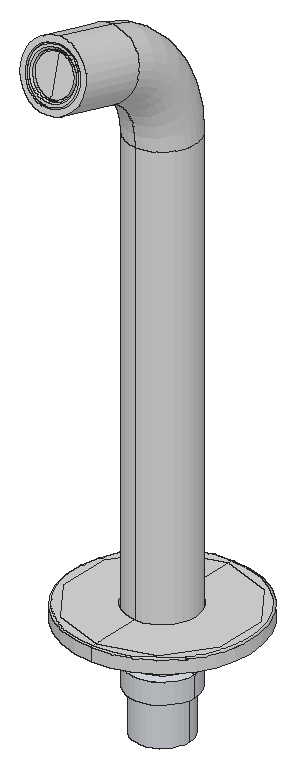
Revit family "Reece_Tap_Mizu_Drift_Outlet_Curved", category Plumbing Fixtures, host Face, Revit 2018
Family settings
  Host = Face
  Round Connector Dimension = Use Diameter
  Part Type = Normal
  Cut with Voids When Loaded = No
  Shared = Yes
  Room Calculation Point = Yes
Parameters (values of type "200 mm_Chrome")
  WFU = 0  # constant formula
  URL = "https://www.reece.com.au/product/-2267209"
  Type Comments = "Tap"
  Reece_Tap_Reach = 200 mm
  Reece_Tap_Inlet = 12 mm  # constant formula
  Reece_Tap_Clearance = 94 mm  # constant formula
  Reece_Product_Web Page = "https://www.reece.com.au/product/-2267209"
  Reece_Product_Type = "Tap"  # constant formula
  Reece_Product_Sub Brand = "Drift"  # constant formula
  Reece_Product_Number = "2267209"
  Reece_Product_Mount = "Wall Mounted"  # constant formula
  Reece_Product_Description = "Mizu Drift Wall Basin/Bath Outlet Curve Spout 200mm Chrome (6 Star) Lead Free"
  Reece_Product_Brand = "Mizu"  # constant formula
  Reece_Overall_Projection [instance] = 211.5 mm
  Reece_Material_Main = Reece_Brass_Chrome
  Reece_Detail_Shape = "Curved"  # constant formula
  Reece_Detail_Installation = ""
  Reece_Detail_Disclaimer = ""  # constant formula
  Reece_Detail_Connector = ""
  Reece_Detail_Additional = "Basin and Bath Outlet"  # constant formula
  Reece_Base_Plate_Radius = 32.5 mm  # constant formula
  Model = "Drift"
  Manufacturer = "Mizu"
  Keynote = "Product #2267209, Reece_Tap_Mizu_Drift_Outlet_Curved - 200 mm_Chrome"
  HWFU = 0  # constant formula
  Disclaimer = "THIS FILE IS THE PROPERTY OF THE REECE GROUP. IT MAY NOT BE REPRODUCED, REVERSE-ENGINEERED, OR MODIFIED. ANY REPUBLICATION, TRANSMISSION, OR DISTRIBUTION FOR THE PURPOSE OF COMMERCIALLY EXPLOITING THE FILES IS PROHIBITED."
  Description = "Mizu Drift Wall Basin/Bath Outlet Curve Spout 200mm Chrome (6 Star) Lead Free"
  Default Elevation = 1000 mm
  CWFU = 0  # constant formula
Types (30, lengths in mm): name | URL | Reece_Tap_Reach | Reece_Product_Web Page | Reece_Product_Number | Reece_Product_Description | Reece_Overall_Projection | Reece_Material_Main | Keynote | Disclaimer | Description
  110 mm_Chrome | "https://www.reece.com.au/product/-2266313" | 110 | "https://www.reece.com.au/product/-2266313" | "2266313" | "Mizu Drift Wall Basin/Bath Outlet Curve Spout 110mm Chrome (6 Star) Lead Free" | 121.5 | Reece_Brass_Chrome | "Product #2266313, Reece_Tap_Mizu_Drift_Outlet_Curved - 110 mm_Chrome" | "THIS FILE IS THE PROPERTY OF THE REECE GROUP. IT MAY NOT BE REPRODUCED, REVERSE-ENGINEERED, OR MODIFIED. ANY REPUBLICATION, TRANSMISSION, OR DISTRIBUTION FOR THE PURPOSE OF COMMERCIALLY EXPLOITING THE FILES IS PROHIBITED." | "Mizu Drift Wall Basin/Bath Outlet Curve Spout 110mm Chrome (6 Star) Lead Free"
  110 mm_Brushed Brass | "https://www.reece.com.au/product/-2266316" | 110 | "https://www.reece.com.au/product/-2266316" | "2266316" | "Mizu Drift Wall Basin/Bath Outlet Curve Spout 110mm Brushed Brass (6 Star) Lead Free" | 121.5 | Reece_Brass_Brushed | "Product #2266316, Reece_Tap_Mizu_Drift_Outlet_Curved - 110 mm_Brushed Brass" | "THIS FILE IS THE PROPERTY OF THE REECE GROUP. IT MAY NOT BE REPRODUCED, REVERSE-ENGINEERED, OR MODIFIED. ANY REPUBLICATION, TRANSMISSION, OR DISTRIBUTION FOR THE PURPOSE OF COMMERCIALLY EXPLOITING THE FILES IS PROHIBITED." | "Mizu Drift Wall Basin/Bath Outlet Curve Spout 110mm Brushed Brass (6 Star) Lead Free"
  110 mm_Brushed Gunmetal | "https://www.reece.com.au/product/-2266317" | 110 | "https://www.reece.com.au/product/-2266317" | "2266317" | "Mizu Drift Wall Basin/Bath Outlet Curve Spout 110mm Brushed Gunmetal (6 Star) Lead Free" | 121.5 | Reece_Brass_Brushed Gunmetal | "Product #2266317, Reece_Tap_Mizu_Drift_Outlet_Curved - 110 mm_Brushed Gunmetal" | "THIS FILE IS THE PROPERTY OF THE REECE GROUP. IT MAY NOT BE REPRODUCED, REVERSE-ENGINEERED, OR MODIFIED. ANY REPUBLICATION, TRANSMISSION, OR DISTRIBUTION FOR THE PURPOSE OF COMMERCIALLY EXPLOITING THE FILES IS PROHIBITED." | "Mizu Drift Wall Basin/Bath Outlet Curve Spout 110mm Brushed Gunmetal (6 Star) Lead Free"
  110 mm_Brushed Nickel | "https://www.reece.com.au/product/-2266315" | 110 | "https://www.reece.com.au/product/-2266315" | "2266315" | "Mizu Drift Wall Basin/Bath Outlet Curve Spout 110mm Brushed Nickel (6 Star) Lead Free" | 121.5 | Reece_Brass_Brushed Nickel | "Product #2266315, Reece_Tap_Mizu_Drift_Outlet_Curved - 110 mm_Brushed Nickel" | "THIS FILE IS THE PROPERTY OF THE REECE GROUP. IT MAY NOT BE REPRODUCED, REVERSE-ENGINEERED, OR MODIFIED. ANY REPUBLICATION, TRANSMISSION, OR DISTRIBUTION FOR THE PURPOSE OF COMMERCIALLY EXPLOITING THE FILES IS PROHIBITED." | "Mizu Drift Wall Basin/Bath Outlet Curve Spout 110mm Brushed Nickel (6 Star) Lead Free"
  110 mm_Matte Black | "https://www.reece.com.au/product/-2266314" | 110 | "https://www.reece.com.au/product/-2266314" | "2266314" | "Mizu Drift Wall Basin/Bath Outlet Curve Spout 110mm Matte Black (6 Star) Lead Free" | 121.5 | Reece_Brass_Matte Black | "Product #2266314, Reece_Tap_Mizu_Drift_Outlet_Curved - 110 mm_Matte Black" | "THIS FILE IS THE PROPERTY OF THE REECE GROUP. IT MAY NOT BE REPRODUCED, REVERSE-ENGINEERED, OR MODIFIED. ANY REPUBLICATION, TRANSMISSION, OR DISTRIBUTION FOR THE PURPOSE OF COMMERCIALLY EXPLOITING THE FILES IS PROHIBITED." | "Mizu Drift Wall Basin/Bath Outlet Curve Spout 110mm Matte Black (6 Star) Lead Free"
  160 mm_Chrome | "https://www.reece.com.au/product/-2267208" | 160 | "https://www.reece.com.au/product/-2267208" | "2267208" | "Mizu Drift Wall Basin/Bath Outlet Curve Spout 160mm Chrome (6 Star) Lead Free" | 171.5 | Reece_Brass_Chrome | "Product #2267208, Reece_Tap_Mizu_Drift_Outlet_Curved - 160 mm_Chrome" | "THIS FILE IS THE PROPERTY OF THE REECE GROUP. IT MAY NOT BE REPRODUCED, REVERSE-ENGINEERED, OR MODIFIED. ANY REPUBLICATION, TRANSMISSION, OR DISTRIBUTION FOR THE PURPOSE OF COMMERCIALLY EXPLOITING THE FILES IS PROHIBITED." | "Mizu Drift Wall Basin/Bath Outlet Curve Spout 160mm Chrome (6 Star) Lead Free"
  160 mm_Brushed Brass | "https://www.reece.com.au/product/-2267289" | 160 | "https://www.reece.com.au/product/-2267289" | "2267289" | "Mizu Drift Wall Basin/Bath Outlet Curve Spout 160mm Brushed Brass (6 Star) Lead Free" | 171.5 | Reece_Brass_Brushed | "Product #2267289, Reece_Tap_Mizu_Drift_Outlet_Curved - 160 mm_Brushed Brass" | "THIS FILE IS THE PROPERTY OF THE REECE GROUP. IT MAY NOT BE REPRODUCED, REVERSE-ENGINEERED, OR MODIFIED. ANY REPUBLICATION, TRANSMISSION, OR DISTRIBUTION FOR THE PURPOSE OF COMMERCIALLY EXPLOITING THE FILES IS PROHIBITED." | "Mizu Drift Wall Basin/Bath Outlet Curve Spout 160mm Brushed Brass (6 Star) Lead Free"
  160 mm_Brushed Gunmetal | "https://www.reece.com.au/product/-2267269" | 160 | "https://www.reece.com.au/product/-2267269" | "2267269" | "Mizu Drift Wall Basin/Bath Outlet Curve Spout 160mm Brushed Gunmetal (6 Star) Lead Free" | 171.5 | Reece_Brass_Brushed Gunmetal | "Product #2267269, Reece_Tap_Mizu_Drift_Outlet_Curved - 160 mm_Brushed Gunmetal" | "THIS FILE IS THE PROPERTY OF THE REECE GROUP. IT MAY NOT BE REPRODUCED, REVERSE-ENGINEERED, OR MODIFIED. ANY REPUBLICATION, TRANSMISSION, OR DISTRIBUTION FOR THE PURPOSE OF COMMERCIALLY EXPLOITING THE FILES IS PROHIBITED." | "Mizu Drift Wall Basin/Bath Outlet Curve Spout 160mm Brushed Gunmetal (6 Star) Lead Free"
  160 mm_Brushed Nickel | "https://www.reece.com.au/product/-2267249" | 160 | "https://www.reece.com.au/product/-2267249" | "2267249" | "Mizu Drift Wall Basin/Bath Outlet Curve Spout 160mm Brushed Nickel (6 Star) Lead Free" | 171.5 | Reece_Brass_Brushed Nickel | "Product #2267249, Reece_Tap_Mizu_Drift_Outlet_Curved - 160 mm_Brushed Nickel" | "THIS FILE IS THE PROPERTY OF THE REECE GROUP. IT MAY NOT BE REPRODUCED, REVERSE-ENGINEERED, OR MODIFIED. ANY REPUBLICATION, TRANSMISSION, OR DISTRIBUTION FOR THE PURPOSE OF COMMERCIALLY EXPLOITING THE FILES IS PROHIBITED." | "Mizu Drift Wall Basin/Bath Outlet Curve Spout 160mm Brushed Nickel (6 Star) Lead Free"
  160 mm_Matte Black | "https://www.reece.com.au/product/-2267229" | 160 | "https://www.reece.com.au/product/-2267229" | "2267229" | "Mizu Drift Wall Basin/Bath Outlet Curve Spout 160mm Matte Black (6 Star) Lead Free" | 171.5 | Reece_Brass_Matte Black | "Product #2267229, Reece_Tap_Mizu_Drift_Outlet_Curved - 160 mm_Matte Black" | "THIS FILE IS THE PROPERTY OF THE REECE GROUP. IT MAY NOT BE REPRODUCED, REVERSE-ENGINEERED, OR MODIFIED. ANY REPUBLICATION, TRANSMISSION, OR DISTRIBUTION FOR THE PURPOSE OF COMMERCIALLY EXPLOITING THE FILES IS PROHIBITED." | "Mizu Drift Wall Basin/Bath Outlet Curve Spout 160mm Matte Black (6 Star) Lead Free"
  200 mm_Chrome | "https://www.reece.com.au/product/-2267209" | 200 | "https://www.reece.com.au/product/-2267209" | "2267209" | "Mizu Drift Wall Basin/Bath Outlet Curve Spout 200mm Chrome (6 Star) Lead Free" | 211.5 | Reece_Brass_Chrome | "Product #2267209, Reece_Tap_Mizu_Drift_Outlet_Curved - 200 mm_Chrome" | "THIS FILE IS THE PROPERTY OF THE REECE GROUP. IT MAY NOT BE REPRODUCED, REVERSE-ENGINEERED, OR MODIFIED. ANY REPUBLICATION, TRANSMISSION, OR DISTRIBUTION FOR THE PURPOSE OF COMMERCIALLY EXPLOITING THE FILES IS PROHIBITED." | "Mizu Drift Wall Basin/Bath Outlet Curve Spout 200mm Chrome (6 Star) Lead Free"
  200 mm_Brushed Brass | "https://www.reece.com.au/product/-2267290" | 200 | "https://www.reece.com.au/product/-2267290" | "2267290" | "Mizu Drift Wall Basin/Bath Outlet Curve Spout 200mm Brushed Brass (6 Star) Lead Free" | 211.5 | Reece_Brass_Brushed | "Product #2267290, Reece_Tap_Mizu_Drift_Outlet_Curved - 200 mm_Brushed Brass" | "THIS FILE IS THE PROPERTY OF THE REECE GROUP. IT MAY NOT BE REPRODUCED, REVERSE-ENGINEERED, OR MODIFIED. ANY REPUBLICATION, TRANSMISSION, OR DISTRIBUTION FOR THE PURPOSE OF COMMERCIALLY EXPLOITING THE FILES IS PROHIBITED." | "Mizu Drift Wall Basin/Bath Outlet Curve Spout 200mm Brushed Brass (6 Star) Lead Free"
  200 mm_Brushed Gunmetal | "https://www.reece.com.au/product/-2267270" | 200 | "https://www.reece.com.au/product/-2267270" | "2267270" | "Mizu Drift Wall Basin/Bath Outlet Curve Spout 200mm Brushed Gunmetal (6 Star) Lead Free" | 211.5 | Reece_Brass_Brushed Gunmetal | "Product #2267270, Reece_Tap_Mizu_Drift_Outlet_Curved - 200 mm_Brushed Gunmetal" | "THIS FILE IS THE PROPERTY OF THE REECE GROUP. IT MAY NOT BE REPRODUCED, REVERSE-ENGINEERED, OR MODIFIED. ANY REPUBLICATION, TRANSMISSION, OR DISTRIBUTION FOR THE PURPOSE OF COMMERCIALLY EXPLOITING THE FILES IS PROHIBITED." | "Mizu Drift Wall Basin/Bath Outlet Curve Spout 200mm Brushed Gunmetal (6 Star) Lead Free"
  200 mm_Brushed Nickel | "https://www.reece.com.au/product/-2267250" | 200 | "https://www.reece.com.au/product/-2267250" | "2267250" | "Mizu Drift Wall Basin/Bath Outlet Curve Spout 200mm Brushed Nickel (6 Star) Lead Free" | 211.5 | Reece_Brass_Brushed Nickel | "Product #2267250, Reece_Tap_Mizu_Drift_Outlet_Curved - 200 mm_Brushed Nickel" | "THIS FILE IS THE PROPERTY OF THE REECE GROUP. IT MAY NOT BE REPRODUCED, REVERSE-ENGINEERED, OR MODIFIED. ANY REPUBLICATION, TRANSMISSION, OR DISTRIBUTION FOR THE PURPOSE OF COMMERCIALLY EXPLOITING THE FILES IS PROHIBITED." | "Mizu Drift Wall Basin/Bath Outlet Curve Spout 200mm Brushed Nickel (6 Star) Lead Free"
  200 mm_Matte Black | "https://www.reece.com.au/product/-2267230" | 200 | "https://www.reece.com.au/product/-2267230" | "2267230" | "Mizu Drift Wall Basin/Bath Outlet Curve Spout 200mm Matte Black (6 Star) Lead Free" | 211.5 | Reece_Brass_Matte Black | "Product #2267230, Reece_Tap_Mizu_Drift_Outlet_Curved - 200 mm_Matte Black" | "THIS FILE IS THE PROPERTY OF THE REECE GROUP. IT MAY NOT BE REPRODUCED, REVERSE-ENGINEERED, OR MODIFIED. ANY REPUBLICATION, TRANSMISSION, OR DISTRIBUTION FOR THE PURPOSE OF COMMERCIALLY EXPLOITING THE FILES IS PROHIBITED." | "Mizu Drift Wall Basin/Bath Outlet Curve Spout 200mm Matte Black (6 Star) Lead Free"
  250 mm_Chrome | "https://www.reece.com.au/product/-2267210" | 250 | "https://www.reece.com.au/product/-2267210" | "2267210" | "Mizu Drift Wall Basin/Bath Outlet Curve Spout 250mm Chrome (6 Star) Lead Free" | 261.5 | Reece_Brass_Chrome | "Product #2267210, Reece_Tap_Mizu_Drift_Outlet_Curved - 250 mm_Chrome" | "THIS FILE IS THE PROPERTY OF THE REECE GROUP. IT MAY NOT BE REPRODUCED, REVERSE-ENGINEERED, OR MODIFIED. ANY REPUBLICATION, TRANSMISSION, OR DISTRIBUTION FOR THE PURPOSE OF COMMERCIALLY EXPLOITING THE FILES IS PROHIBITED." | "Mizu Drift Wall Basin/Bath Outlet Curve Spout 250mm Chrome (6 Star) Lead Free"
  250 mm_Brushed Brass | "https://www.reece.com.au/product/-2267291" | 250 | "https://www.reece.com.au/product/-2267291" | "2267291" | "Mizu Drift Wall Basin/Bath Outlet Curve Spout 250mm Brushed Brass (6 Star) Lead Free" | 261.5 | Reece_Brass_Brushed | "Product #2267291, Reece_Tap_Mizu_Drift_Outlet_Curved - 250 mm_Brushed Brass" | "THIS FILE IS THE PROPERTY OF THE REECE GROUP. IT MAY NOT BE REPRODUCED, REVERSE-ENGINEERED, OR MODIFIED. ANY REPUBLICATION, TRANSMISSION, OR DISTRIBUTION FOR THE PURPOSE OF COMMERCIALLY EXPLOITING THE FILES IS PROHIBITED." | "Mizu Drift Wall Basin/Bath Outlet Curve Spout 250mm Brushed Brass (6 Star) Lead Free"
  250 mm_Brushed Gunmetal | "https://www.reece.com.au/product/-2267271" | 250 | "https://www.reece.com.au/product/-2267271" | "2267271" | "Mizu Drift Wall Basin/Bath Outlet Curve Spout 250mm Brushed Gunmetal (6 Star) Lead Free" | 261.5 | Reece_Brass_Brushed Gunmetal | "Product #2267271, Reece_Tap_Mizu_Drift_Outlet_Curved - 250 mm_Brushed Gunmetal" | "THIS FILE IS THE PROPERTY OF THE REECE GROUP. IT MAY NOT BE REPRODUCED, REVERSE-ENGINEERED, OR MODIFIED. ANY REPUBLICATION, TRANSMISSION, OR DISTRIBUTION FOR THE PURPOSE OF COMMERCIALLY EXPLOITING THE FILES IS PROHIBITED." | "Mizu Drift Wall Basin/Bath Outlet Curve Spout 250mm Brushed Gunmetal (6 Star) Lead Free"
  250 mm_Brushed Nickel | "https://www.reece.com.au/product/-2267251" | 250 | "https://www.reece.com.au/product/-2267251" | "2267251" | "Mizu Drift Wall Basin/Bath Outlet Curve Spout 250mm Brushed Nickel (6 Star) Lead Free" | 261.5 | Reece_Brass_Brushed Nickel | "Product #2267251, Reece_Tap_Mizu_Drift_Outlet_Curved - 250 mm_Brushed Nickel" | "THIS FILE IS THE PROPERTY OF THE REECE GROUP. IT MAY NOT BE REPRODUCED, REVERSE-ENGINEERED, OR MODIFIED. ANY REPUBLICATION, TRANSMISSION, OR DISTRIBUTION FOR THE PURPOSE OF COMMERCIALLY EXPLOITING THE FILES IS PROHIBITED." | "Mizu Drift Wall Basin/Bath Outlet Curve Spout 250mm Brushed Nickel (6 Star) Lead Free"
  250 mm_Matte Black | "https://www.reece.com.au/product/-2267231" | 250 | "https://www.reece.com.au/product/-2267231" | "2267231" | "Mizu Drift Wall Basin/Bath Outlet Curve Spout 250mm Matte Black (6 Star) Lead Free" | 261.5 | Reece_Brass_Matte Black | "Product #2267231, Reece_Tap_Mizu_Drift_Outlet_Curved - 250 mm_Matte Black" | "THIS FILE IS THE PROPERTY OF THE REECE GROUP. IT MAY NOT BE REPRODUCED, REVERSE-ENGINEERED, OR MODIFIED. ANY REPUBLICATION, TRANSMISSION, OR DISTRIBUTION FOR THE PURPOSE OF COMMERCIALLY EXPLOITING THE FILES IS PROHIBITED." | "Mizu Drift Wall Basin/Bath Outlet Curve Spout 250mm Matte Black (6 Star) Lead Free"
  300 mm_Chrome | "https://www.reece.com.au/product/-2267211" | 300 | "https://www.reece.com.au/product/-2267211" | "2267211" | "Mizu Drift Wall Basin/Bath Outlet Curve Spout 300mm Chrome (6 Star) Lead Free" | 311.5 | Reece_Brass_Chrome | "Product #2267211, Reece_Tap_Mizu_Drift_Outlet_Curved - 300 mm_Chrome" | "THIS FILE IS THE PROPERTY OF THE REECE GROUP. IT MAY NOT BE REPRODUCED, REVERSE-ENGINEERED, OR MODIFIED. ANY REPUBLICATION, TRANSMISSION, OR DISTRIBUTION FOR THE PURPOSE OF COMMERCIALLY EXPLOITING THE FILES IS PROHIBITED." | "Mizu Drift Wall Basin/Bath Outlet Curve Spout 300mm Chrome (6 Star) Lead Free"
  300 mm_Brushed Brass | "https://www.reece.com.au/product/-2267292" | 300 | "https://www.reece.com.au/product/-2267292" | "2267292" | "Mizu Drift Wall Basin/Bath Outlet Curve Spout 300mm Brushed Brass (6 Star) Lead Free" | 311.5 | Reece_Brass_Brushed | "Product #2267292, Reece_Tap_Mizu_Drift_Outlet_Curved - 300 mm_Brushed Brass" | "THIS FILE IS THE PROPERTY OF THE REECE GROUP. IT MAY NOT BE REPRODUCED, REVERSE-ENGINEERED, OR MODIFIED. ANY REPUBLICATION, TRANSMISSION, OR DISTRIBUTION FOR THE PURPOSE OF COMMERCIALLY EXPLOITING THE FILES IS PROHIBITED." | "Mizu Drift Wall Basin/Bath Outlet Curve Spout 300mm Brushed Brass (6 Star) Lead Free"
  300 mm_Brushed Gunmetal | "https://www.reece.com.au/product/-2267272" | 300 | "https://www.reece.com.au/product/-2267272" | "2267272" | "Mizu Drift Wall Basin/Bath Outlet Curve Spout 300mm Brushed Gunmetal (6 Star) Lead Free" | 311.5 | Reece_Brass_Brushed Gunmetal | "Product #2267272, Reece_Tap_Mizu_Drift_Outlet_Curved - 300 mm_Brushed Gunmetal" | "THIS FILE IS THE PROPERTY OF THE REECE GROUP. IT MAY NOT BE REPRODUCED, REVERSE-ENGINEERED, OR MODIFIED. ANY REPUBLICATION, TRANSMISSION, OR DISTRIBUTION FOR THE PURPOSE OF COMMERCIALLY EXPLOITING THE FILES IS PROHIBITED." | "Mizu Drift Wall Basin/Bath Outlet Curve Spout 300mm Brushed Gunmetal (6 Star) Lead Free"
  300 mm_Brushed Nickel | "https://www.reece.com.au/product/-2267252" | 300 | "https://www.reece.com.au/product/-2267252" | "2267252" | "Mizu Drift Wall Basin/Bath Outlet Curve Spout 300mm Brushed Nickel (6 Star) Lead Free" | 311.5 | Reece_Brass_Brushed Nickel | "Product #2267252, Reece_Tap_Mizu_Drift_Outlet_Curved - 300 mm_Brushed Nickel" | "THIS FILE IS THE PROPERTY OF THE REECE GROUP. IT MAY NOT BE REPRODUCED, REVERSE-ENGINEERED, OR MODIFIED. ANY REPUBLICATION, TRANSMISSION, OR DISTRIBUTION FOR THE PURPOSE OF COMMERCIALLY EXPLOITING THE FILES IS PROHIBITED." | "Mizu Drift Wall Basin/Bath Outlet Curve Spout 300mm Brushed Nickel (6 Star) Lead Free"
  300 mm_Matte Black | "https://www.reece.com.au/product/-2267232" | 300 | "https://www.reece.com.au/product/-2267232" | "2267232" | "Mizu Drift Wall Basin/Bath Outlet Curve Spout 300mm Matte Black (6 Star) Lead Free" | 311.5 | Reece_Brass_Matte Black | "Product #2267232, Reece_Tap_Mizu_Drift_Outlet_Curved - 300 mm_Matte Black" | "THIS FILE IS THE PROPERTY OF THE REECE GROUP. IT MAY NOT BE REPRODUCED, REVERSE-ENGINEERED, OR MODIFIED. ANY REPUBLICATION, TRANSMISSION, OR DISTRIBUTION FOR THE PURPOSE OF COMMERCIALLY EXPLOITING THE FILES IS PROHIBITED." | "Mizu Drift Wall Basin/Bath Outlet Curve Spout 300mm Matte Black (6 Star) Lead Free"
  300 mm_Brushed Bronze | "https://www.reece.com.au/product/-2269206" | 300 | "https://www.reece.com.au/product/-2269206" | "2269206" | "Mizu Drift Wall Basin/Bath Outlet Curve Spout 300mm Brushed Bronze (6 Star) Lead Free" | 311.5 | Reece_Brass_Brushed Bronze | "Product #2269206, Reece_Tap_Mizu_Drift_Outlet_Curved - 300 mm_Brushed Bronze" | "THIS FILE IS THE PROPERTY OF THE REECE GROUP. IT MAY NOT BE REPRODUCED, REVERSE-ENGINEERED, OR MODIFIED. ANY REPUBLICATION, TRANSMISSION, OR DISTRIBUTION FOR THE PURPOSE OF COMMERCIALLY EXPLOITING THE FILES IS PROHIBITED." | "Mizu Drift Wall Basin/Bath Outlet Curve Spout 300mm Brushed Bronze (6 Star) Lead Free"
  250 mm_Brushed Bronze | "https://www.reece.com.au/product/-2269205" | 250 | "https://www.reece.com.au/product/-2269205" | "2269205" | "Mizu Drift Wall Basin/Bath Outlet Curve Spout 250mm Brushed Bronze (6 Star) Lead Free" | 261.5 | Reece_Brass_Brushed Bronze | "Product #2269205, Reece_Tap_Mizu_Drift_Outlet_Curved - 250 mm_Brushed Bronze" | "THIS FILE IS THE PROPERTY OF THE REECE GROUP. IT MAY NOT BE REPRODUCED, REVERSE-ENGINEERED, OR MODIFIED. ANY REPUBLICATION, TRANSMISSION, OR DISTRIBUTION FOR THE PURPOSE OF COMMERCIALLY EXPLOITING THE FILES IS PROHIBITED." | "Mizu Drift Wall Basin/Bath Outlet Curve Spout 250mm Brushed Bronze (6 Star) Lead Free"
  200 mm_Brushed Bronze | "https://www.reece.com.au/product/-2269204" | 200 | "https://www.reece.com.au/product/-2269204" | "2269204" | "Mizu Drift Wall Basin/Bath Outlet Curve Spout 200mm Brushed Bronze (6 Star) Lead Free" | 211.5 | Reece_Brass_Brushed Bronze | "Product #2269204, Reece_Tap_Mizu_Drift_Outlet_Curved - 200 mm_Brushed Bronze" | "THIS FILE IS THE PROPERTY OF THE REECE GROUP. IT MAY NOT BE REPRODUCED, REVERSE-ENGINEERED, OR MODIFIED. ANY REPUBLICATION, TRANSMISSION, OR DISTRIBUTION FOR THE PURPOSE OF COMMERCIALLY EXPLOITING THE FILES IS PROHIBITED." | "Mizu Drift Wall Basin/Bath Outlet Curve Spout 200mm Brushed Bronze (6 Star) Lead Free"
  160 mm_Brushed Bronze | "https://www.reece.com.au/product/-2269203" | 160 | "https://www.reece.com.au/product/-2269203" | "2269203" | "Mizu Drift Wall Basin/Bath Outlet Curve Spout 160mm Brushed Bronze (6 Star) Lead Free" | 171.5 | Reece_Brass_Brushed Bronze | "Product #2269203, Reece_Tap_Mizu_Drift_Outlet_Curved - 160 mm_Brushed Bronze" | "THIS FILE IS THE PROPERTY OF THE REECE GROUP. IT MAY NOT BE REPRODUCED, REVERSE-ENGINEERED, OR MODIFIED. ANY REPUBLICATION, TRANSMISSION, OR DISTRIBUTION FOR THE PURPOSE OF COMMERCIALLY EXPLOITING THE FILES IS PROHIBITED." | "Mizu Drift Wall Basin/Bath Outlet Curve Spout 160mm Brushed Bronze (6 Star) Lead Free"
  110 mm_Brushed Bronze | "https://www.reece.com.au/product/-2269202" | 110 | "https://www.reece.com.au/product/-2269202" | "2269202" | "Mizu Drift Wall Basin/Bath Outlet Curve Spout 110mm Brushed Bronze (6 Star) Lead Free" | 121.5 | Reece_Brass_Brushed Bronze | "Product #2269202, Reece_Tap_Mizu_Drift_Outlet_Curved - 110 mm_Brushed Bronze" | "" | "Mizu Drift Wall Basin/Bath Outlet Curve Spout 110mm Brushed Bronze (6 Star) Lead Free"
Reference planes
  plane 1 "Center (Front/Back)": y = 0
  plane 2 "Bottom": z = 0
  plane 3 "Center (Left/Right)": x = 0
  plane 4: z = 5
  plane 5: y = 32.5
  plane 6: y = -53
  plane 7: z = 200
  plane 8: z = 211.5
  plane 9: y = -49.894
Forms (mm)
  Revolve 1, solid, material "Reece_Brass_Chrome" <- "Reece_Material_Main"
    sketch origin (0, 0, 23) x (0, 1, 0) y (0, 0, 1)
      loop
        line (30.5, -18) -> (12.5, -18) -> (12.5, -20.954) -> (30.5, -20.954) -> (30.5, -23) -> (32.5, -23) -> (32.5, -18.5)
        arc (32.5, -18.5) -> (32.354, -18.146) -> (32, -18) r 0.5
        line (32, -18) -> (30.5, -18)
      axis (0, -18) -> (0, -23)
    angle from 0 to 360
  Revolve 2, void
    sketch origin (0, 0, 39.453) x (0, 1, 0) y (0, 0, 1)
      loop
        line (-14, -39.453) -> (-14, -79.453) -> (0, -79.453) -> (0, -39.453) -> (-14, -39.453)
      axis (0, -39.453) -> (0, -79.453)
    angle from 0 to 360
  Revolve 3, void
    sketch origin (0, -360.841, 88.823) x (0, 0.139173, -0.990268) y (0, 0.990268, 0.139173)
      loop
        line (-72.528, 327.987) -> (-73.264, 328.299) -> (-73.791, 327.057) -> (-74.642, 326.714) -> (-75.369, 327.022) -> (-75.746, 327.956) -> (-77.301, 324.294) -> (-68.096, 320.387) -> (-66.511, 324.12) -> (-73, 326.875) -> (-72.528, 327.987)
      axis (-68.096, 320.387) -> (-66.039, 325.232)
    angle from 0 to 360
  Sweep 4, solid, material "Reece_Brass_Chrome" <- "Reece_Material_Main"
    path origin (50, 0, 0) x (0, 1, 0) y (0, 0, 1)
      loop
        line (-49.894, 200) -> (-25.941, 193.582)
        arc (-25.941, 193.582) -> (-7.233, 181.081) -> (0, 159.774) r 35
        line (0, 159.774) -> (0, 0)
    profile origin (50, -37.918, 196.791) x (0, 0.258819, 0.965926) y (1, 0, 0)
      loop
        circle (0, -50) r 12
  Revolve 5, solid
    sketch origin (0, 0, 0) x (1, 0, 0) y (0, 0, 1)
      loop
        line (7.924, 0) -> (7.924, -36.978) -> (10.006, -36.978) -> (10.006, -21.713) -> (12, -21.713) -> (12, -14.213) -> (10.006, -13.062) -> (10.006, -10) -> (11.094, -10) -> (11.622, -9.085) -> (11.097, -8.176) -> (11.622, -7.268) -> (11.097, -6.359) -> (11.622, -5.451) -> (11.097, -4.542) -> (11.622, -3.634) -> (11.097, -2.725) -> (11.622, -1.817) -> (11.097, -0.908) -> (11.622, 0) -> (7.924, 0)
      axis (0, 0) -> (0, -36.978)
    angle from 0 to 360
Cuts and joins
  Revolve 3 cuts Sweep 4
Lines and regions (mm)
  symbolic lines
    curve 1: line (75, 0, 0) -> (0, 0, 0)
Text (mm)
  text "Reece ©" at (-1403.988, -1192.393, 0), in view "Ref. Level"
  text "Reece ©" at (44.384, 258.95, 192.345), in view "Reece Preview"
Dimensions and locks
  "Reece_Base_Plate_Radius": Revolve 1 sketch curve to Revolve 1 sketch curve
  Revolve 2 sketch curve to Revolve 2 sketch curve = 14 mm
  locked: Revolve 1 sketch curve to Revolve 1 sketch curve at 2
  Revolve 1 sketch curve to Revolve 1 sketch curve = 5 mm
  plane 7 to Sweep 4 sketch curve to Sweep 4 sketch curve = 6.418 mm locked, 33.807 mm locked
  locked: plane 8 to plane 7 at 11.5
  locked: plane 9 to plane 6 at 3.106
  Revolve 3 sketch curve to Revolve 3 sketch curve to Revolve 3 sketch curve to Revolve 3 sketch curve to Revolve 3 sketch curve to Revolve 3 sketch curve to Revolve 3 sketch curve to Revolve 3 sketch curve to Revolve 3 sketch curve to plane 7 to Revolve 3 sketch curve = 1.03 mm locked, 0.504 mm locked, 0.763 mm locked, 0.794 mm locked, 0.349 mm locked, 0.46 mm locked, 0.313 mm locked, 5.447 mm locked, 0.845 mm locked, 0.204 mm locked
  equal spacing: Revolve 1 sketch curve, Revolve 1 sketch curve, Revolve 1 sketch curve
  "Reece_Tap_Reach": plane 7 to plane 2 "Bottom"
  "Reece_Overall_Projection": plane 8 to plane 2 "Bottom"
  plane 4 to host face = 5 mm
  locked: plane 7 to Revolve 3 sketch curve (angle 15.00°)
  angle plane 7 to cut or joined group of Revolve 3, Sweep 4 = 105.00°
  aligned and locked: plane 2 "Bottom" to host face
  aligned and locked: level to host face
  aligned and locked: Revolve 2 sketch curve to Revolve 2 sketch curve
  aligned and locked: plane 7 to Sweep 4 sketch curve
  aligned and locked: plane 9 to Sweep 4 sketch curve
  aligned and locked: Revolve 1 sketch curve to plane 2 "Bottom"
Automatic sketch dimensions
  curve 1 to curve 1 = 75 mm
  plane 1 "Center (Front/Back)" to curve 1 = 0 mm
  curve 1 to plane 3 "Center (Left/Right)" = 0 mm
  plane 3 "Center (Left/Right)" to curve 1 = 75 mm
  host sketch curve to host sketch curve = 380.785 mm
  host sketch curve to host sketch curve = 317.421 mm
  level to Revolve 2 sketch curve = 0 mm
  Revolve 2 sketch curve to plane 1 "Center (Front/Back)" = 0 mm
  Revolve 2 sketch curve to level = 40 mm
  Revolve 2 sketch curve to Revolve 2 sketch curve = 261.356 mm
  Revolve 2 sketch curve to Revolve 2 sketch curve = 2192.687 mm
  Revolve 3 sketch curve to Revolve 3 sketch curve = 0.344 mm
  Revolve 3 sketch curve to Revolve 3 sketch curve = 0.309 mm
  Revolve 3 sketch curve to Revolve 3 sketch curve = 3.29 mm
  Revolve 3 sketch curve to Revolve 3 sketch curve = 7.751 mm
  level to Sweep 4 sketch curve = 0 mm
  Sweep 4 sketch curve to plane 1 "Center (Front/Back)" = 0 mm
  Sweep 4 sketch curve to profile plane = 0 mm
  Sweep 4 sketch curve to profile plane = 50 mm
  plane 6 to Revolve 3 sketch curve = 2.539 mm
  plane 1 "Center (Front/Back)" to Sweep 4 sketch curve = 25.941 mm
  Revolve 3 sketch curve to Revolve 3 sketch curve = 0.174 mm
  Revolve 5 sketch curve to plane 3 "Center (Left/Right)" = 0 mm
  Revolve 5 sketch curve to level = 0 mm  (x2)
  plane 3 "Center (Left/Right)" to Revolve 5 sketch curve = 7.924 mm
  plane 3 "Center (Left/Right)" to Revolve 5 sketch curve = 10.006 mm
  Revolve 5 sketch curve to Revolve 5 sketch curve = 0 mm  (x4)
  Revolve 5 sketch curve to Revolve 5 sketch curve = 1.088 mm
  Revolve 5 sketch curve to Revolve 5 sketch curve = 0.004 mm
  Revolve 5 sketch curve to level = 4.542 mm
  Revolve 5 sketch curve to level = 0.908 mm
  Revolve 5 sketch curve to Revolve 5 sketch curve = 3.174 mm
  Revolve 5 sketch curve to level = 2.725 mm
  Revolve 5 sketch curve to Revolve 5 sketch curve = 0.525 mm  (x6)
  Revolve 5 sketch curve to level = 1.817 mm
  Revolve 5 sketch curve to level = 3.634 mm
  Revolve 5 sketch curve to level = 5.451 mm
  Revolve 5 sketch curve to Revolve 5 sketch curve = 1.994 mm
  Revolve 5 sketch curve to Revolve 5 sketch curve = 0.908 mm  (x4)
  Revolve 5 sketch curve to Revolve 5 sketch curve = 0.915 mm
  Revolve 5 sketch curve to Revolve 5 sketch curve = 3.062 mm
  Revolve 5 sketch curve to Revolve 5 sketch curve = 1.151 mm
  Revolve 5 sketch curve to Revolve 5 sketch curve = 7.5 mm
  Revolve 5 sketch curve to Revolve 5 sketch curve = 15.265 mm
  Revolve 5 sketch curve to Revolve 5 sketch curve = 5.594 mm
  Revolve 1 sketch curve to plane 1 "Center (Front/Back)" = 0 mm
  Revolve 1 sketch curve to plane 1 "Center (Front/Back)" = 12.5 mm
  Revolve 1 sketch curve to plane 5 = 2 mm
  Revolve 1 sketch curve to Revolve 1 sketch curve = 0.5 mm
  level to Revolve 1 sketch curve = 2.046 mm
  Revolve 1 sketch curve to level = 317.81 mm
  plane 8 to Revolve 1 sketch curve = 445.944 mm
  radius of Sweep 4 sketch curve = 12 mm
Connectors
  piping at (0, 0, -36.978), diameter 12, driven by "Reece_Tap_Inlet"
    settings: on Revolve 5, index 1, connector inside diameter 609.6 mm, connector length 0 mm, flow factor 0, pipe flow 0.0 L/s, pressure drop 0.0 Pa, fitting loss kfactor 0, connector angle 0.00°, fixture units 0, engagement length 0 mm, angle of deflection 0.00°, flow configuration 0, flow direction 1, fitting loss method 0, system type 29, joint type 0, gender type 0, connector reference index -1, connector utility 0, adjustable connector no, is connector primary yes, connector description ""
